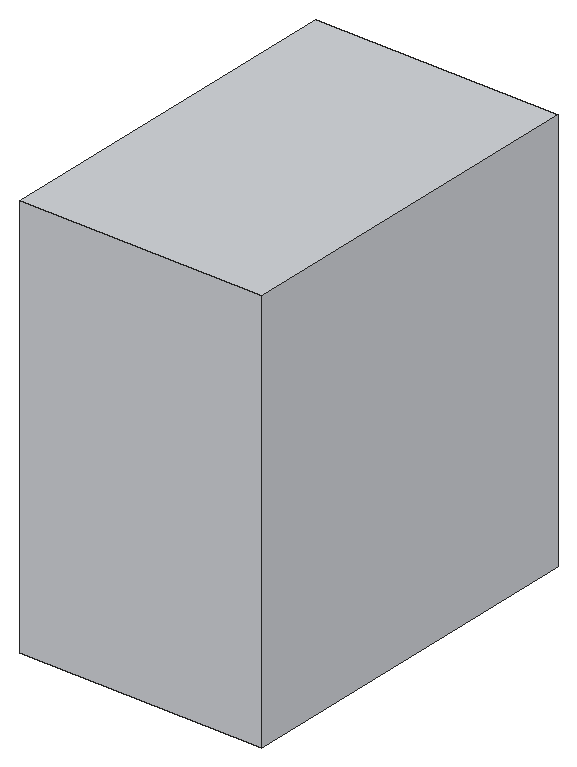
Revit family
Parameters
  Warranty Duration (Years) = 0
  Unit Width [instance] = 1' - 5 1/4"
  Unit Height [instance] = 4' - 8"
  Unit Depth = 0' - 0 1/4"
  URL = "http://www.americanspecialties.com/viewCategories.cfm"
  Trim Material = Metal - Stainless Steel
  Test Data = ""
  Specification = "http://www.arcat.com/sdspecs/htm/10810asi.htm"
  SpecWizard = ""
  Send Message = "http://www.arcat.com/users.pl?action=UserEmail&company=American%20Specialties,%20Inc.&coid=30448&rep=139&fax=914-476-0688&mf="
  Sales Information = "http://www.americanspecialties.com/contact"
  Revision = "R1_10-2010"
  Product Properties = "http://www.americanspecialties.com/datasheets/04697.pdf"
  Product Data = "http://www.arcat.com/arcatcos/cos30/arc30448.html"
  Model = "As Specified in 10 28 13"
  Manufacturer Website = "http://www.americanspecialties.com/viewCategories.cfm"
  Manufacturer Phone - Toll Free = ""
  Manufacturer Phone = "914-476-9000 "
  Manufacturer Fax = "914-476-0688"
  Manufacturer Address = "441 Saw Mill River Rd., Yonkers, NY 10701"
  Manufacturer = "American Specialties, Inc."
  Maintenance Schedule (Months) = 0
  Keynote = "10 28 13"
  Installation-Fabrication = "http://www.americanspecialties.com/products.cfm"
  Green Building-LEED = ""
  Expected Lifespan (Years) = 0
  Drawn By = "Robert S. Weygant. CSI, CDT, SCIP"  # constant formula
  Description = "Toilet Accessory as Specified in 10 28 13"
  Default Elevation = 4' - 0"
  Copyright = "©Arcat Inc."
  Construction Details = "http://www.arcat.com/green/clients/leed_data_30448.html"
  Building Codes = "http://www.americanspecialties.com/products.cfm"
  Body Material = Metal - Stainless Steel
  Assembly Code = "C1030210"
Reference planes (in)
  plane 1 "Center (Front/Back)": y = -0.29112
  plane 2 "Floor Line": z = 0
  plane 3 "Center (Left/Right)": x = -0.65843
Forms (in)
  Extrusion 1, solid
    sketch origin (-3, -9, -6) x (0, 0, -1) y (1, 0, 0)
      loop
        line (-82, 26) -> (-82, -19.34712) -> (-6, -19.34712) -> (-6, 26) -> (-82, 26)
    from 28.29112 to -41.06337
  Extrusion 2, solid, material "Metal - Stainless Steel" <- "Body Material"
    sketch origin (0, 4, 0) x (1, 0, 0) y (0, 1, 0)
      loop
        line (-8.28343, 22.70888) -> (-8.28343, -31.29112) -> (6.96657, -31.29112) -> (6.96657, 22.70888) -> (-8.28343, 22.70888)
    from 0 to -7
  Extrusion 3, solid, material "Metal - Stainless Steel" <- "Body Material"
    sketch origin (-0.90625, -0.29112, 0) x (1, 0, 0) y (0, 0, 1)
      loop
        line (-8.37718, 0) -> (8.87282, 0) -> (8.87282, 0.25) -> (-8.37718, 0.25) -> (-8.37718, 0)
    from -28 to 28
  Extrusion 4, void
    sketch origin (-0.65843, 6.99967, 0) x (0, 1, 0) y (0, 0, 1)
      loop
        line (-1.96119, -6.92367) -> (2.70888, 0) -> (2.70888, 0.9375) -> (-11.29079, 0.9375) -> (-11.29079, -6.92367)
        arc (-11.29079, -6.92367) -> (-10.07216, -6.39842) -> (-8.85354, -6.92367) r 1.67628
        line (-8.85354, -6.92367) -> (-1.96119, -6.92367)
    from -7.59375 to 7.59375
  Extrusion 5, void
    sketch origin (-36.75, 0.72623, 3.05372) x (1, 0, 0) y (0, 0.559193, 0.829038)
      loop
        arc (36.9789, -1.93171) -> (37.15918, -1.6799) -> (36.96663, -1.43734) r 0.25717
        line (36.96663, -1.43734) -> (36.21387, -1.43734)
        arc (36.21387, -1.43734) -> (33.33353, -0.76588) -> (30.45405, -1.44101) r 6.49582
        line (30.45405, -1.44101) -> (29.69611, -1.44101)
        arc (29.69611, -1.44101) -> (29.51617, -1.68772) -> (29.69972, -1.93175) r 0.25651
        line (29.69972, -1.93175) -> (30.47907, -1.93175)
        arc (30.47907, -1.93175) -> (33.3416, -2.19917) -> (36.20414, -1.93171) r 15.453
        line (36.20414, -1.93171) -> (36.9789, -1.93171)
    from -9.32112 to -9.1543
  Extrusion 6, solid, material "Metal - Stainless Steel" <- "Trim Material"
    sketch origin (-1.125, 0, -0.4375) x (1, 0, 0) y (0, 1, 0)
      loop
        circle (-5.15843, 17.70888) r 0.5
      loop
        line (-5.21525, 17.29024) -> (-5.10162, 17.29024) -> (-5.10162, 18.13975) -> (-5.21525, 18.13975) -> (-5.21525, 17.29024)
    from 0.6875 to 0.76916
  Extrusion 7, solid, material "Metal - Stainless Steel" <- "Body Material"
    sketch origin (0, 0, 0) x (1, 0, 0) y (0, 1, 0)
      loop
        line (-8.28343, 26.70888) -> (-8.28343, 9.70856) -> (6.96657, 9.70856) -> (6.96657, 26.70888) -> (-8.28343, 26.70888)
    from 0 to 0.25
  Extrusion 8, solid, material "Metal - Stainless Steel" <- "Body Material"
    sketch origin (0, 4, 4.5) x (1, 0, 0) y (0, 1, 0)
      loop
        line (-8.28343, -8.29112) -> (-8.28343, -31.29112) -> (6.96657, -31.29112) -> (6.96657, -8.29112) -> (-8.28343, -8.29112)
    from -3.75 to -11.5
  Extrusion 9, void
    sketch origin (0, 0, 0) x (1, 0, 0) y (0, 1, 0)
      loop
        line (-8.25218, -4.29112) -> (-8.25218, -27.26063) -> (6.93532, -27.26063) -> (6.93532, -4.29112) -> (-8.25218, -4.29112)
    from -6.98467 to 0.7281
  Extrusion 10, solid
    sketch origin (0, -0.31703, -2.97892) x (1, 0, 0) y (0, 1, 0)
      loop
        circle (-0.65843, -2.73301) r 0.5
      loop
        line (-0.71525, -2.31436) -> (-0.71525, -3.16387) -> (-0.60162, -3.16387) -> (-0.60162, -2.31436) -> (-0.71525, -2.31436)
    from -3.50004 to -3.27108
  Extrusion 11, void
    sketch origin (0, 0, 0) x (1, 0, 0) y (0, 1, 0)
      loop
        line (-8.28343, 26.70888) -> (-8.28343, -27.26063) -> (6.93532, -27.26063) -> (6.93532, 26.70888) -> (-8.28343, 26.70888)
    from 0 to -7
Cuts and joins
  Extrusion 4, Extrusion 5, Extrusion 9 cuts Extrusion 2
  Extrusion 4, Extrusion 9 cuts Extrusion 3
  Extrusion 9 cuts Extrusion 6
  Extrusion 9 cuts Extrusion 8
Dimensions and locks (in)
  Extrusion 3 sketch curve to Extrusion 3 sketch curve = 1' - 5 1/4"
  aligned and locked: Extrusion 1 to level
  aligned and locked: cut or joined group of Extrusion 2, Extrusion 4, Extrusion 5, Extrusion 9 to cut or joined group of Extrusion 3, Extrusion 4, Extrusion 9
